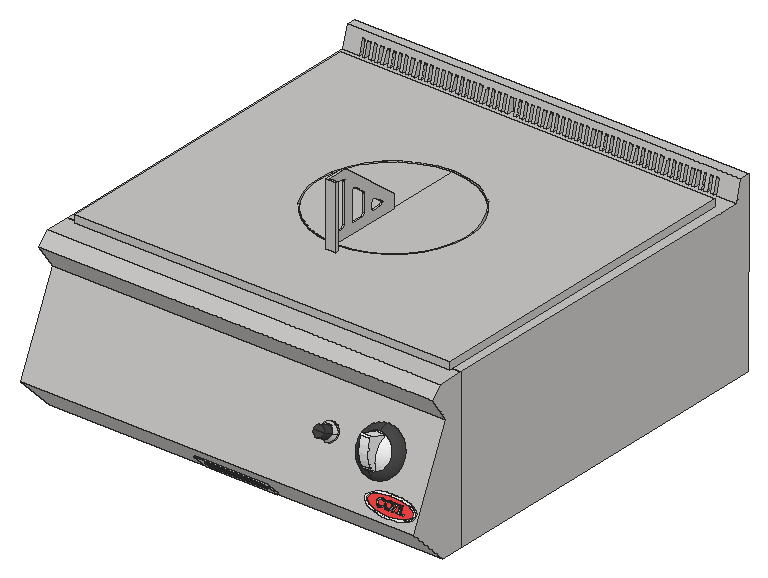
Revit family "QF_COZIL_FFCP-70N", category Equipamento especial, Revit 2020
Family settings
  Cota do conector redondo = Utilizar diâmetro
  Tipo de parte = Normal
  Número OmniClass = 23.40.40.14.17.11
  Título OmniClass = Cookers, Ovens, Stoves
  Com base no plano de trabalho = Não
  Sempre na vertical = Sim
  Corte com vazios quando carregada = Não
  Compartilhado = Não
  Ponto de cálculo do ambiente = Não
Parameters (values of type "FFCP-70")
  Weight [instance] = 72.00 kg
  URL = "https://cozil.com.br/"
  Tray of Waste = 9.00 L
  Modelo = "FFCP-70"
  Gas Size = 1/2"
  Gas Pressure GN = 0.02 bar
  Gas Pressure GLP = 0.0285 bar
  Gas Input GN = "4100 kcal/h"
  Gas Input GLP = 16258 Btu/h
  Gas Consumption GN = 0.435 m³/h
  Gas Consumption GLP = "0.356 Kg/h"
  Fabricante = "COZIL"
  Elevação padrão = 0.00 mm
  Descrição = "FOGAO FRANCES MODULAR A GAS - 700X743X335MM (COMPACT LINE II)"
  Type Comments = ""
  Show Logo [instance] = yes
  Show Clearances [instance] = yes
  Point Load [instance] = 0
  Masterspec [instance] = ""
  Length Actual [instance] = 700.00 mm
  Identify Quantity as Lot [instance] = yes
  Height Actual [instance] = 335.00 mm
  Gas Connection Height [instance] = 52.00 mm
  Foodservice Equipment Identifier [instance] = yes
  Depth Actual [instance] = 743.00 mm
  CSI MasterFormat [instance] = ""
  CE Approved [instance] = yes
Reference planes
  plane 1 "Centro (Frontal/Traseira)": y = 0
  plane 2: z = 0
  plane 3 "Centro (Esquerda/Direita)": x = 0
  plane 4: x = 700
  plane 5: z = 300
  plane 6: y = -743
  plane 7: z = 20
  plane 8: z = 335
  plane 9: x = 45
  plane 10: x = 655
  plane 11: y = -126
  plane 12: z = 0
  plane 13: y = -595
  plane 14: z = 300
  plane 15: x = 350
  plane 16: y = -351.564
  plane 17: x = 350
  plane 18: through (0, -796.943, -30.682) normal (0, 0.9063, -0.4226)
  plane 19: x = 609.376
  plane 20: through (0, -711.871, 151.756) normal (0, -0.9063, 0.4226)
  plane 21: x = 519.376
  plane 22: through (0, -708.611, 158.747) normal (0, -0.9063, 0.4226)
  plane 23: x = 650
Forms (mm)
  Extrusion 1, solid, material "QF_Metal_Stainless Steel"
    sketch origin (0, 0, 0) x (0, 1, 0) y (0, 0, 1)
      loop
        line (0, 20) -> (0, 335) -> (-16.137, 335) -> (-26.173, 300) -> (-638, 300) -> (-638, 20) -> (0, 20)
    from 0 to 700
  Extrusion 2, solid, material "QF_Metal_Stainless Steel"
    sketch origin (0, 0, 0) x (0, -1, 0) y (0, 0, 1)
      loop
        line (638, 20) -> (678, 20) -> (743, 85) -> (671.529, 238.27) -> (700.968, 281.916) -> (682.884, 300) -> (638, 300) -> (638, 20)
    from 0 to -700
  Extrusion 3, solid, material "QF_Metal_Stainless Steel"
    sketch origin (0, -637.414, 300) x (0, 1, 0) y (-1, 0, 0)
      loop
        line (584.414, -17) -> (-5.586, -17) -> (-5.586, -683) -> (584.414, -683) -> (584.414, -17)
      loop
        circle (286.414, -350) r 133
    from 0 to 12.5
  Extrusion 4, void
    sketch origin (0, 0, 336.918) x (0, 0, 1) y (-1, 0, 0)
      loop
        line (-12.418, -29.603) -> (-36.918, -29.603) -> (-36.918, -35.322) -> (-12.418, -35.322) -> (-12.418, -29.603)
      loop
        line (-12.418, -39.539) -> (-36.918, -39.539) -> (-36.918, -46.322) -> (-12.418, -46.322) -> (-12.418, -39.539)
      loop
        line (-12.418, -51.603) -> (-36.918, -51.603) -> (-36.918, -57.322) -> (-12.418, -57.322) -> (-12.418, -51.603)
      loop
        line (-12.418, -62.603) -> (-36.918, -62.603) -> (-36.918, -68.322) -> (-12.418, -68.322) -> (-12.418, -62.603)
      loop
        line (-12.418, -73.603) -> (-36.918, -73.603) -> (-36.918, -79.322) -> (-12.418, -79.322) -> (-12.418, -73.603)
      loop
        line (-12.418, -84.603) -> (-36.918, -84.603) -> (-36.918, -90.322) -> (-12.418, -90.322) -> (-12.418, -84.603)
      loop
        line (-12.418, -95.603) -> (-36.918, -95.603) -> (-36.918, -101.322) -> (-12.418, -101.322) -> (-12.418, -95.603)
      loop
        line (-12.418, -106.603) -> (-36.918, -106.603) -> (-36.918, -112.322) -> (-12.418, -112.322) -> (-12.418, -106.603)
      loop
        line (-12.418, -117.603) -> (-36.918, -117.603) -> (-36.918, -123.322) -> (-12.418, -123.322) -> (-12.418, -117.603)
      loop
        line (-12.418, -128.603) -> (-36.918, -128.603) -> (-36.918, -134.322) -> (-12.418, -134.322) -> (-12.418, -128.603)
      loop
        line (-12.418, -139.603) -> (-36.918, -139.603) -> (-36.918, -145.322) -> (-12.418, -145.322) -> (-12.418, -139.603)
      loop
        line (-12.418, -150.603) -> (-36.918, -150.603) -> (-36.918, -156.322) -> (-12.418, -156.322) -> (-12.418, -150.603)
      loop
        line (-12.418, -161.603) -> (-36.918, -161.603) -> (-36.918, -167.322) -> (-12.418, -167.322) -> (-12.418, -161.603)
      loop
        line (-12.418, -172.603) -> (-36.918, -172.603) -> (-36.918, -178.322) -> (-12.418, -178.322) -> (-12.418, -172.603)
      loop
        line (-12.418, -183.603) -> (-36.918, -183.603) -> (-36.918, -189.322) -> (-12.418, -189.322) -> (-12.418, -183.603)
      loop
        line (-12.418, -194.603) -> (-36.918, -194.603) -> (-36.918, -200.322) -> (-12.418, -200.322) -> (-12.418, -194.603)
      loop
        line (-12.418, -205.603) -> (-36.918, -205.603) -> (-36.918, -211.322) -> (-12.418, -211.322) -> (-12.418, -205.603)
      loop
        line (-12.418, -216.603) -> (-36.918, -216.603) -> (-36.918, -222.322) -> (-12.418, -222.322) -> (-12.418, -216.603)
      loop
        line (-12.418, -227.603) -> (-36.918, -227.603) -> (-36.918, -233.322) -> (-12.418, -233.322) -> (-12.418, -227.603)
      loop
        line (-12.418, -238.603) -> (-36.918, -238.603) -> (-36.918, -244.322) -> (-12.418, -244.322) -> (-12.418, -238.603)
      loop
        line (-12.418, -249.603) -> (-36.918, -249.603) -> (-36.918, -255.322) -> (-12.418, -255.322) -> (-12.418, -249.603)
      loop
        line (-12.418, -260.603) -> (-36.918, -260.603) -> (-36.918, -266.322) -> (-12.418, -266.322) -> (-12.418, -260.603)
      loop
        line (-12.418, -271.603) -> (-36.918, -271.603) -> (-36.918, -277.322) -> (-12.418, -277.322) -> (-12.418, -271.603)
      loop
        line (-12.418, -282.603) -> (-36.918, -282.603) -> (-36.918, -288.322) -> (-12.418, -288.322) -> (-12.418, -282.603)
      loop
        line (-12.418, -293.603) -> (-36.918, -293.603) -> (-36.918, -303.208) -> (-12.418, -303.208) -> (-12.418, -293.603)
      loop
        line (-12.418, -308.49) -> (-36.918, -308.49) -> (-36.918, -314.208) -> (-12.418, -314.208) -> (-12.418, -308.49)
      loop
        line (-12.418, -319.49) -> (-36.918, -319.49) -> (-36.918, -325.208) -> (-12.418, -325.208) -> (-12.418, -319.49)
      loop
        line (-12.418, -330.49) -> (-36.918, -330.49) -> (-36.918, -336.208) -> (-12.418, -336.208) -> (-12.418, -330.49)
      loop
        line (-12.418, -341.49) -> (-36.918, -341.49) -> (-36.918, -347.208) -> (-12.418, -347.208) -> (-12.418, -341.49)
      loop
        line (-12.418, -352.49) -> (-36.918, -352.49) -> (-36.918, -358.208) -> (-12.418, -358.208) -> (-12.418, -352.49)
      loop
        line (-12.418, -363.49) -> (-36.918, -363.49) -> (-36.918, -369.208) -> (-12.418, -369.208) -> (-12.418, -363.49)
      loop
        line (-12.418, -374.49) -> (-36.918, -374.49) -> (-36.918, -380.208) -> (-12.418, -380.208) -> (-12.418, -374.49)
      loop
        line (-12.418, -385.49) -> (-36.918, -385.49) -> (-36.918, -391.208) -> (-12.418, -391.208) -> (-12.418, -385.49)
      loop
        line (-12.418, -396.49) -> (-36.918, -396.49) -> (-36.918, -402.208) -> (-12.418, -402.208) -> (-12.418, -396.49)
      loop
        line (-12.418, -407.49) -> (-36.918, -407.49) -> (-36.918, -412.095) -> (-12.418, -412.095) -> (-12.418, -407.49)
      loop
        line (-12.418, -417.376) -> (-36.918, -417.376) -> (-36.918, -423.095) -> (-12.418, -423.095) -> (-12.418, -417.376)
      loop
        line (-12.418, -428.376) -> (-36.918, -428.376) -> (-36.918, -434.095) -> (-12.418, -434.095) -> (-12.418, -428.376)
      loop
        line (-12.418, -439.376) -> (-36.918, -439.376) -> (-36.918, -445.095) -> (-12.418, -445.095) -> (-12.418, -439.376)
      loop
        line (-12.418, -450.376) -> (-36.918, -450.376) -> (-36.918, -456.095) -> (-12.418, -456.095) -> (-12.418, -450.376)
      loop
        line (-12.418, -461.376) -> (-36.918, -461.376) -> (-36.918, -467.095) -> (-12.418, -467.095) -> (-12.418, -461.376)
      loop
        line (-12.418, -472.376) -> (-36.918, -472.376) -> (-36.918, -478.095) -> (-12.418, -478.095) -> (-12.418, -472.376)
      loop
        line (-12.418, -483.376) -> (-36.918, -483.376) -> (-36.918, -489.095) -> (-12.418, -489.095) -> (-12.418, -483.376)
      loop
        line (-12.418, -494.376) -> (-36.918, -494.376) -> (-36.918, -500.095) -> (-12.418, -500.095) -> (-12.418, -494.376)
      loop
        line (-12.418, -505.376) -> (-36.918, -505.376) -> (-36.918, -511.095) -> (-12.418, -511.095) -> (-12.418, -505.376)
      loop
        line (-12.418, -516.376) -> (-36.918, -516.376) -> (-36.918, -522.095) -> (-12.418, -522.095) -> (-12.418, -516.376)
      loop
        line (-12.418, -527.376) -> (-36.918, -527.376) -> (-36.918, -533.095) -> (-12.418, -533.095) -> (-12.418, -527.376)
      loop
        line (-12.418, -538.376) -> (-36.918, -538.376) -> (-36.918, -544.095) -> (-12.418, -544.095) -> (-12.418, -538.376)
      loop
        line (-12.418, -549.376) -> (-36.918, -549.376) -> (-36.918, -555.095) -> (-12.418, -555.095) -> (-12.418, -549.376)
      loop
        line (-12.418, -560.376) -> (-36.918, -560.376) -> (-36.918, -566.095) -> (-12.418, -566.095) -> (-12.418, -560.376)
      loop
        line (-12.418, -571.376) -> (-36.918, -571.376) -> (-36.918, -577.095) -> (-12.418, -577.095) -> (-12.418, -571.376)
      loop
        line (-12.418, -582.376) -> (-36.918, -582.376) -> (-36.918, -588.095) -> (-12.418, -588.095) -> (-12.418, -582.376)
      loop
        line (-12.418, -593.376) -> (-36.918, -593.376) -> (-36.918, -599.095) -> (-12.418, -599.095) -> (-12.418, -593.376)
      loop
        line (-12.418, -604.376) -> (-36.918, -604.376) -> (-36.918, -610.095) -> (-12.418, -610.095) -> (-12.418, -604.376)
      loop
        line (-12.418, -615.376) -> (-36.918, -615.376) -> (-36.918, -621.095) -> (-12.418, -621.095) -> (-12.418, -615.376)
      loop
        line (-12.418, -626.376) -> (-36.918, -626.376) -> (-36.918, -632.095) -> (-12.418, -632.095) -> (-12.418, -626.376)
      loop
        line (-12.418, -637.376) -> (-36.918, -637.376) -> (-36.918, -641.835) -> (-12.418, -641.835) -> (-12.418, -637.376)
      loop
        line (-12.418, -648.376) -> (-36.918, -648.376) -> (-36.918, -654.095) -> (-12.418, -654.095) -> (-12.418, -648.376)
      loop
        line (-12.418, -659.376) -> (-36.918, -659.376) -> (-36.918, -665.095) -> (-12.418, -665.095) -> (-12.418, -659.376)
    from 15.84 to 26.942
  Extrusion 5, solid, material "QF_Metal_Stainless_Steel"
    sketch origin (0, 0, 336.918) x (0, 0, -1) y (-1, 0, 0)
      loop
        circle (284.918, -645) r 6.35
    from 0 to 6.35
  Extrusion 6, solid, material "Qf_Plastic-Grey"
    sketch origin (0, -678, 20) x (0, -0.707107, 0.707107) y (-1, 0, 0)
      loop
        line (10.041, -287.289) -> (10.041, -413.304) -> (50.041, -413.304) -> (50.041, -287.289) -> (10.041, -287.289)
      loop
        line (16.172, -293.603) -> (16.172, -407.49) -> (43.936, -407.49) -> (43.936, -293.603) -> (16.172, -293.603)
    from 0 to 3
  Extrusion 7, void
    sketch origin (0, 0, 0) x (0, 1, 0) y (0, 0, 1)
      loop
        line (-709.067, 51.067) -> (-689.435, 31.435) -> (-689.435, 70.699) -> (-709.067, 51.067)
    from 293.603 to 407.49
Cuts and joins
  Extrusion 4 cuts Extrusion 1
  Extrusion 7 cuts Extrusion 2
Lines and regions (mm)
  symbolic lines
    curve 1: line (0, 0, 0) -> (0, -743, 0)
    curve 2: line (0, -743, 0) -> (700, -743, 0)
    curve 3: line (700, -743, 0) -> (700, 0, 0)
    curve 4: line (700, 0, 0) -> (0, 0, 0)
    curve 5: line (17, -53, 0) -> (17, -643, 0)
    curve 6: line (17, -643, 0) -> (683, -643, 0)
    curve 7: line (683, -643, 0) -> (683, -53, 0)
    curve 8: line (683, -53, 0) -> (17, -53, 0)
    curve 9: arc (217, -351, 0) -> (350, -218, 0) -> (483, -351, 0) r 133
    curve 10: arc (483, -351, 0) -> (350, -484, 0) -> (217, -351, 0) r 133
    curve 11: arc (219.996, -351.593, 0) -> (349.996, -221.593, 0) -> (479.996, -351.593, 0) r 130
    curve 12: arc (479.996, -351.593, 0) -> (349.996, -481.593, 0) -> (219.996, -351.593, 0) r 130
    curve 13: line (348.5, -351.564, 0) -> (351.5, -351.564, 0)
    curve 14: line (348.5, -498.372, 0) -> (348.5, -351.564, 0)
    curve 15: line (351.5, -498.372, 0) -> (348.5, -498.372, 0)
    curve 16: line (351.5, -351.564, 0) -> (351.5, -495.372, 0)
    curve 17: line (359.5, -495.372, 0) -> (351.5, -495.372, 0)
    curve 18: line (359.5, -498.372, 0) -> (359.5, -495.372, 0)
    curve 19: line (351.5, -498.372, 0) -> (359.5, -498.372, 0)
    curve 20: line (351.5, -495.372, 0) -> (351.5, -498.372, 0)
    curve 21: line (700, -700.968, 0) -> (0, -700.968, 0)
    curve 22: line (0, -682.884, 0) -> (700, -682.884, 0)
    curve 23: line (700, -638, 0) -> (683, -638, 0)
    curve 24: line (17, -638, 0) -> (0, -638, 0)
    curve 25: line (0, -26.173, 0) -> (29.603, -26.173, 0)
    curve 26: line (29.603, -26.173, 0) -> (29.603, -19.148, 0)
    curve 27: line (0, -16.137, 0) -> (700, -16.137, 0)
    curve 28: line (29.603, -19.148, 0) -> (35.322, -19.148, 0)
    curve 29: line (35.322, -19.148, 0) -> (35.322, -26.173, 0)
    curve 30: line (35.322, -26.173, 0) -> (39.539, -26.173, 0)
    curve 31: line (39.539, -26.173, 0) -> (39.539, -19.148, 0)
    curve 32: line (39.539, -19.148, 0) -> (46.322, -19.148, 0)
    curve 33: line (46.322, -19.148, 0) -> (46.322, -26.173, 0)
    curve 34: line (46.322, -26.173, 0) -> (51.603, -26.173, 0)
    curve 35: line (51.603, -26.173, 0) -> (51.603, -19.148, 0)
    curve 36: line (51.603, -19.148, 0) -> (57.322, -19.148, 0)
    curve 37: line (57.322, -19.148, 0) -> (57.322, -26.173, 0)
    curve 38: line (57.322, -26.173, 0) -> (62.603, -26.173, 0)
    curve 39: line (62.603, -26.173, 0) -> (62.603, -19.148, 0)
    curve 40: line (62.603, -19.148, 0) -> (68.322, -19.148, 0)
    curve 41: line (68.322, -19.148, 0) -> (68.322, -26.173, 0)
    curve 42: line (68.322, -26.173, 0) -> (73.603, -26.173, 0)
    curve 43: line (73.603, -26.173, 0) -> (73.603, -19.148, 0)
    curve 44: line (73.603, -19.148, 0) -> (79.322, -19.148, 0)
    curve 45: line (79.322, -19.148, 0) -> (79.322, -26.173, 0)
    curve 46: line (79.322, -26.173, 0) -> (84.603, -26.173, 0)
    curve 47: line (84.603, -26.173, 0) -> (84.603, -19.148, 0)
    curve 48: line (84.603, -19.148, 0) -> (90.322, -19.148, 0)
    curve 49: line (90.322, -19.148, 0) -> (90.322, -26.173, 0)
    curve 50: line (90.322, -26.173, 0) -> (95.603, -26.173, 0)
    curve 51: line (95.603, -26.173, 0) -> (95.603, -19.148, 0)
    curve 52: line (95.603, -19.148, 0) -> (101.322, -19.148, 0)
    curve 53: line (101.322, -19.148, 0) -> (101.322, -26.173, 0)
    curve 54: line (101.322, -26.173, 0) -> (106.603, -26.173, 0)
    curve 55: line (106.603, -26.173, 0) -> (106.603, -19.148, 0)
    curve 56: line (106.603, -19.148, 0) -> (112.322, -19.148, 0)
    curve 57: line (112.322, -19.148, 0) -> (112.322, -26.173, 0)
    curve 58: line (112.322, -26.173, 0) -> (117.603, -26.173, 0)
    curve 59: line (117.603, -26.173, 0) -> (117.603, -19.148, 0)
    curve 60: line (117.603, -19.148, 0) -> (123.322, -19.148, 0)
    curve 61: line (123.322, -19.148, 0) -> (123.322, -26.173, 0)
    curve 62: line (123.322, -26.173, 0) -> (128.603, -26.173, 0)
    curve 63: line (128.603, -26.173, 0) -> (128.603, -19.148, 0)
    curve 64: line (128.603, -19.148, 0) -> (134.322, -19.148, 0)
    curve 65: line (134.322, -19.148, 0) -> (134.322, -26.173, 0)
    curve 66: line (134.322, -26.173, 0) -> (139.603, -26.173, 0)
    curve 67: line (139.603, -26.173, 0) -> (139.603, -19.148, 0)
    curve 68: line (139.603, -19.148, 0) -> (145.322, -19.148, 0)
    curve 69: line (145.322, -19.148, 0) -> (145.322, -26.173, 0)
    curve 70: line (145.322, -26.173, 0) -> (150.603, -26.173, 0)
    curve 71: line (150.603, -26.173, 0) -> (150.603, -19.148, 0)
    curve 72: line (150.603, -19.148, 0) -> (156.322, -19.148, 0)
    curve 73: line (156.322, -19.148, 0) -> (156.322, -26.173, 0)
    curve 74: line (156.322, -26.173, 0) -> (161.603, -26.173, 0)
    curve 75: line (161.603, -26.173, 0) -> (161.603, -19.148, 0)
    curve 76: line (161.603, -19.148, 0) -> (167.322, -19.148, 0)
    curve 77: line (167.322, -19.148, 0) -> (167.322, -26.173, 0)
    curve 78: line (167.322, -26.173, 0) -> (172.603, -26.173, 0)
    curve 79: line (172.603, -26.173, 0) -> (172.603, -19.148, 0)
    curve 80: line (172.603, -19.148, 0) -> (178.322, -19.148, 0)
    curve 81: line (178.322, -19.148, 0) -> (178.322, -26.173, 0)
    curve 82: line (178.322, -26.173, 0) -> (183.603, -26.173, 0)
    curve 83: line (183.603, -26.173, 0) -> (183.603, -19.148, 0)
    curve 84: line (183.603, -19.148, 0) -> (189.322, -19.148, 0)
    curve 85: line (189.322, -19.148, 0) -> (189.322, -26.173, 0)
    curve 86: line (189.322, -26.173, 0) -> (194.603, -26.173, 0)
    curve 87: line (194.603, -26.173, 0) -> (194.603, -19.148, 0)
    curve 88: line (194.603, -19.148, 0) -> (200.322, -19.148, 0)
    curve 89: line (200.322, -19.148, 0) -> (200.322, -26.173, 0)
    curve 90: line (200.322, -26.173, 0) -> (205.603, -26.173, 0)
    curve 91: line (205.603, -26.173, 0) -> (205.603, -19.148, 0)
    curve 92: line (205.603, -19.148, 0) -> (211.322, -19.148, 0)
    curve 93: line (211.322, -19.148, 0) -> (211.322, -26.173, 0)
    curve 94: line (211.322, -26.173, 0) -> (216.603, -26.173, 0)
    curve 95: line (216.603, -26.173, 0) -> (216.603, -19.148, 0)
    curve 96: line (216.603, -19.148, 0) -> (222.322, -19.148, 0)
    curve 97: line (222.322, -19.148, 0) -> (222.322, -26.173, 0)
    curve 98: line (222.322, -26.173, 0) -> (227.603, -26.173, 0)
    curve 99: line (227.603, -26.173, 0) -> (227.603, -19.148, 0)
    curve 100: line (227.603, -19.148, 0) -> (233.322, -19.148, 0)
    curve 101: line (233.322, -19.148, 0) -> (233.322, -26.173, 0)
    curve 102: line (233.322, -26.173, 0) -> (238.603, -26.173, 0)
    curve 103: line (238.603, -26.173, 0) -> (238.603, -19.148, 0)
    curve 104: line (238.603, -19.148, 0) -> (244.322, -19.148, 0)
    curve 105: line (244.322, -19.148, 0) -> (244.322, -26.173, 0)
    curve 106: line (244.322, -26.173, 0) -> (249.603, -26.173, 0)
    curve 107: line (249.603, -26.173, 0) -> (249.603, -19.148, 0)
    curve 108: line (249.603, -19.148, 0) -> (255.322, -19.148, 0)
    curve 109: line (255.322, -19.148, 0) -> (255.322, -26.173, 0)
    curve 110: line (255.322, -26.173, 0) -> (260.603, -26.173, 0)
    curve 111: line (260.603, -26.173, 0) -> (260.603, -19.148, 0)
    curve 112: line (260.603, -19.148, 0) -> (266.322, -19.148, 0)
    curve 113: line (266.322, -19.148, 0) -> (266.322, -26.173, 0)
    curve 114: line (266.322, -26.173, 0) -> (271.603, -26.173, 0)
    curve 115: line (271.603, -26.173, 0) -> (271.603, -19.148, 0)
    curve 116: line (271.603, -19.148, 0) -> (277.322, -19.148, 0)
    curve 117: line (277.322, -19.148, 0) -> (277.322, -26.173, 0)
    curve 118: line (277.322, -26.173, 0) -> (282.603, -26.173, 0)
    curve 119: line (282.603, -26.173, 0) -> (282.603, -19.148, 0)
    curve 120: line (282.603, -19.148, 0) -> (288.322, -19.148, 0)
    curve 121: line (288.322, -19.148, 0) -> (288.322, -26.173, 0)
    curve 122: line (288.322, -26.173, 0) -> (293.603, -26.173, 0)
    curve 123: line (293.603, -26.173, 0) -> (293.603, -19.148, 0)
    curve 124: line (293.603, -19.148, 0) -> (303.208, -19.148, 0)
    curve 125: line (303.208, -19.148, 0) -> (303.208, -26.173, 0)
    curve 126: line (303.208, -26.173, 0) -> (308.49, -26.173, 0)
    curve 127: line (308.49, -26.173, 0) -> (308.49, -19.148, 0)
    curve 128: line (308.49, -19.148, 0) -> (314.208, -19.148, 0)
    curve 129: line (314.208, -19.148, 0) -> (314.208, -26.173, 0)
    curve 130: line (314.208, -26.173, 0) -> (319.49, -26.173, 0)
    curve 131: line (319.49, -26.173, 0) -> (319.49, -19.148, 0)
    curve 132: line (319.49, -19.148, 0) -> (325.208, -19.148, 0)
    curve 133: line (325.208, -19.148, 0) -> (325.208, -26.173, 0)
    curve 134: line (325.208, -26.173, 0) -> (330.49, -26.173, 0)
    curve 135: line (330.49, -26.173, 0) -> (330.49, -19.148, 0)
    curve 136: line (330.49, -19.148, 0) -> (336.208, -19.148, 0)
    curve 137: line (336.208, -19.148, 0) -> (336.208, -26.173, 0)
    curve 138: line (336.208, -26.173, 0) -> (341.49, -26.173, 0)
    curve 139: line (341.49, -26.173, 0) -> (341.49, -19.148, 0)
    curve 140: line (341.49, -19.148, 0) -> (347.208, -19.148, 0)
    curve 141: line (347.208, -19.148, 0) -> (347.208, -26.173, 0)
    curve 142: line (347.208, -26.173, 0) -> (352.49, -26.173, 0)
    curve 143: line (352.49, -26.173, 0) -> (352.49, -19.148, 0)
    curve 144: line (352.49, -19.148, 0) -> (358.208, -19.148, 0)
    curve 145: line (358.208, -19.148, 0) -> (358.208, -26.173, 0)
    curve 146: line (358.208, -26.173, 0) -> (363.49, -26.173, 0)
    curve 147: line (363.49, -26.173, 0) -> (363.49, -19.148, 0)
    curve 148: line (363.49, -19.148, 0) -> (369.208, -19.148, 0)
    curve 149: line (369.208, -19.148, 0) -> (369.208, -26.173, 0)
    curve 150: line (369.208, -26.173, 0) -> (374.49, -26.173, 0)
    curve 151: line (374.49, -26.173, 0) -> (374.49, -19.148, 0)
    curve 152: line (374.49, -19.148, 0) -> (380.208, -19.148, 0)
    curve 153: line (380.208, -19.148, 0) -> (380.208, -26.173, 0)
    curve 154: line (380.208, -26.173, 0) -> (385.49, -26.173, 0)
    curve 155: line (385.49, -26.173, 0) -> (385.49, -19.148, 0)
    curve 156: line (385.49, -19.148, 0) -> (391.208, -19.148, 0)
    curve 157: line (391.208, -19.148, 0) -> (391.208, -26.173, 0)
    curve 158: line (391.208, -26.173, 0) -> (396.49, -26.173, 0)
    curve 159: line (396.49, -26.173, 0) -> (396.49, -19.148, 0)
    curve 160: line (396.49, -19.148, 0) -> (402.208, -19.148, 0)
    curve 161: line (402.208, -19.148, 0) -> (402.208, -26.173, 0)
    curve 162: line (402.208, -26.173, 0) -> (407.49, -26.173, 0)
    curve 163: line (407.49, -26.173, 0) -> (407.49, -19.148, 0)
    curve 164: line (407.49, -19.148, 0) -> (412.095, -19.148, 0)
    curve 165: line (412.095, -19.148, 0) -> (412.095, -26.173, 0)
    curve 166: line (412.095, -26.173, 0) -> (417.376, -26.173, 0)
    curve 167: line (417.376, -26.173, 0) -> (417.376, -19.148, 0)
    curve 168: line (417.376, -19.148, 0) -> (423.095, -19.148, 0)
    curve 169: line (423.095, -19.148, 0) -> (423.095, -26.173, 0)
    curve 170: line (423.095, -26.173, 0) -> (428.376, -26.173, 0)
    curve 171: line (428.376, -26.173, 0) -> (428.376, -19.148, 0)
    curve 172: line (428.376, -19.148, 0) -> (434.095, -19.148, 0)
    curve 173: line (434.095, -19.148, 0) -> (434.095, -26.173, 0)
    curve 174: line (434.095, -26.173, 0) -> (439.376, -26.173, 0)
    curve 175: line (439.376, -26.173, 0) -> (439.376, -19.148, 0)
    curve 176: line (439.376, -19.148, 0) -> (445.095, -19.148, 0)
    curve 177: line (445.095, -19.148, 0) -> (445.095, -26.173, 0)
    curve 178: line (445.095, -26.173, 0) -> (450.376, -26.173, 0)
    curve 179: line (450.376, -26.173, 0) -> (450.376, -19.148, 0)
    curve 180: line (450.376, -19.148, 0) -> (456.095, -19.148, 0)
    curve 181: line (456.095, -19.148, 0) -> (456.095, -26.173, 0)
    curve 182: line (456.095, -26.173, 0) -> (461.376, -26.173, 0)
    curve 183: line (461.376, -26.173, 0) -> (461.376, -19.148, 0)
    curve 184: line (461.376, -19.148, 0) -> (467.095, -19.148, 0)
    curve 185: line (467.095, -19.148, 0) -> (467.095, -26.173, 0)
    curve 186: line (467.095, -26.173, 0) -> (472.376, -26.173, 0)
    curve 187: line (472.376, -26.173, 0) -> (472.376, -19.148, 0)
    curve 188: line (472.376, -19.148, 0) -> (478.095, -19.148, 0)
    curve 189: line (478.095, -19.148, 0) -> (478.095, -26.173, 0)
    curve 190: line (478.095, -26.173, 0) -> (483.376, -26.173, 0)
    curve 191: line (483.376, -26.173, 0) -> (483.376, -19.148, 0)
    curve 192: line (483.376, -19.148, 0) -> (489.095, -19.148, 0)
    curve 193: line (489.095, -19.148, 0) -> (489.095, -26.173, 0)
    curve 194: line (489.095, -26.173, 0) -> (494.376, -26.173, 0)
    curve 195: line (494.376, -26.173, 0) -> (494.376, -19.148, 0)
    curve 196: line (494.376, -19.148, 0) -> (500.095, -19.148, 0)
    curve 197: line (500.095, -19.148, 0) -> (500.095, -26.173, 0)
    curve 198: line (500.095, -26.173, 0) -> (505.376, -26.173, 0)
    curve 199: line (505.376, -26.173, 0) -> (505.376, -19.148, 0)
    curve 200: line (505.376, -19.148, 0) -> (511.095, -19.148, 0)
    curve 201: line (511.095, -19.148, 0) -> (511.095, -26.173, 0)
    curve 202: line (511.095, -26.173, 0) -> (516.376, -26.173, 0)
    curve 203: line (516.376, -26.173, 0) -> (516.376, -19.148, 0)
    curve 204: line (516.376, -19.148, 0) -> (522.095, -19.148, 0)
    curve 205: line (522.095, -19.148, 0) -> (522.095, -26.173, 0)
    curve 206: line (522.095, -26.173, 0) -> (527.376, -26.173, 0)
    curve 207: line (527.376, -26.173, 0) -> (527.376, -19.148, 0)
    curve 208: line (527.376, -19.148, 0) -> (533.095, -19.148, 0)
    curve 209: line (533.095, -19.148, 0) -> (533.095, -26.173, 0)
    curve 210: line (533.095, -26.173, 0) -> (538.376, -26.173, 0)
    curve 211: line (538.376, -26.173, 0) -> (538.376, -19.148, 0)
    curve 212: line (538.376, -19.148, 0) -> (544.095, -19.148, 0)
    curve 213: line (544.095, -19.148, 0) -> (544.095, -26.173, 0)
    curve 214: line (544.095, -26.173, 0) -> (549.376, -26.173, 0)
    curve 215: line (549.376, -26.173, 0) -> (549.376, -19.148, 0)
    curve 216: line (549.376, -19.148, 0) -> (555.095, -19.148, 0)
    curve 217: line (555.095, -19.148, 0) -> (555.095, -26.173, 0)
    curve 218: line (555.095, -26.173, 0) -> (560.376, -26.173, 0)
    curve 219: line (560.376, -26.173, 0) -> (560.376, -19.148, 0)
    curve 220: line (560.376, -19.148, 0) -> (566.095, -19.148, 0)
    curve 221: line (566.095, -19.148, 0) -> (566.095, -26.173, 0)
    curve 222: line (566.095, -26.173, 0) -> (571.376, -26.173, 0)
    curve 223: line (571.376, -26.173, 0) -> (571.376, -19.148, 0)
    curve 224: line (571.376, -19.148, 0) -> (577.095, -19.148, 0)
    curve 225: line (577.095, -19.148, 0) -> (577.095, -26.173, 0)
    curve 226: line (577.095, -26.173, 0) -> (582.376, -26.173, 0)
    curve 227: line (582.376, -26.173, 0) -> (582.376, -19.148, 0)
    curve 228: line (582.376, -19.148, 0) -> (588.095, -19.148, 0)
    curve 229: line (588.095, -19.148, 0) -> (588.095, -26.173, 0)
    curve 230: line (588.095, -26.173, 0) -> (593.376, -26.173, 0)
    curve 231: line (593.376, -26.173, 0) -> (593.376, -19.148, 0)
    curve 232: line (593.376, -19.148, 0) -> (599.095, -19.148, 0)
    curve 233: line (599.095, -19.148, 0) -> (599.095, -26.173, 0)
    curve 234: line (599.095, -26.173, 0) -> (604.376, -26.173, 0)
    curve 235: line (604.376, -26.173, 0) -> (604.376, -19.148, 0)
    curve 236: line (604.376, -19.148, 0) -> (610.095, -19.148, 0)
    curve 237: line (610.095, -19.148, 0) -> (610.095, -26.173, 0)
    curve 238: line (610.095, -26.173, 0) -> (615.376, -26.173, 0)
    curve 239: line (615.376, -26.173, 0) -> (615.376, -19.148, 0)
    curve 240: line (615.376, -19.148, 0) -> (621.095, -19.148, 0)
    curve 241: line (621.095, -19.148, 0) -> (621.095, -26.173, 0)
    curve 242: line (621.095, -26.173, 0) -> (626.376, -26.173, 0)
    curve 243: line (626.376, -26.173, 0) -> (626.376, -19.148, 0)
    curve 244: line (626.376, -19.148, 0) -> (632.095, -19.148, 0)
    curve 245: line (632.095, -19.148, 0) -> (632.095, -26.173, 0)
    curve 246: line (632.095, -26.173, 0) -> (637.376, -26.173, 0)
    curve 247: line (637.376, -26.173, 0) -> (637.376, -19.148, 0)
    curve 248: line (637.376, -19.148, 0) -> (641.835, -19.148, 0)
    curve 249: line (641.835, -19.148, 0) -> (641.835, -26.173, 0)
    curve 250: line (641.835, -26.173, 0) -> (648.376, -26.173, 0)
    curve 251: line (648.376, -26.173, 0) -> (648.376, -19.148, 0)
    curve 252: line (648.376, -19.148, 0) -> (654.095, -19.148, 0)
    curve 253: line (654.095, -19.148, 0) -> (654.095, -26.173, 0)
    curve 254: line (654.095, -26.173, 0) -> (659.376, -26.173, 0)
    curve 255: line (659.376, -26.173, 0) -> (659.376, -19.148, 0)
    curve 256: line (659.376, -19.148, 0) -> (665.095, -19.148, 0)
    curve 257: line (665.095, -19.148, 0) -> (665.095, -26.173, 0)
    curve 258: line (665.095, -26.173, 0) -> (700, -26.173, 0)
Dimensions and locks
  plane 5 to level = 300.00 mm
  plane 7 to level = 20.00 mm
  plane 7 to plane 5 = 280.00 mm
  plane 8 to level = 335.00 mm
  locked: Extrusion 1 sketch curve to plane 6 at 105
  locked: Extrusion 3 sketch curve to plane 4 at 17
  locked: plane 3 "Centro (Esquerda/Direita)" to Extrusion 3 sketch curve at 17
  locked: Extrusion 3 sketch curve to plane 1 "Centro (Frontal/Traseira)" at 53
  locked: Extrusion 3 sketch curve to plane 6 at 100
  plane 6 to Extrusion 3 sketch curve = 392.00 mm
  plane 3 "Centro (Esquerda/Direita)" to Extrusion 3 sketch curve = 350.00 mm
  locked: plane 13 to plane 6 at 148
  locked: plane 1 "Centro (Frontal/Traseira)" to plane 11 at 126
  locked: plane 9 to plane 3 "Centro (Esquerda/Direita)" at 45
  locked: plane 4 to plane 10 at 45
  equal spacing: plane 3 "Centro (Esquerda/Direita)", plane 17, plane 4, locked at 350 each
  "Depth Actual": plane 1 "Centro (Frontal/Traseira)" to plane 6
  plane 6 to nested 5 to plane 1 "Centro (Frontal/Traseira)" = 391.436 mm locked, 351.564 mm locked
  plane 4 to plane 19 = 90.624 mm
  "Gas Connection Height": level to Extrusion 5 sketch curve
  plane 4 to Extrusion 5 sketch curve = 55.00 mm
  locked: Extrusion 6 sketch curve to Extrusion 2 at 7.1
  locked: Extrusion 2 to Extrusion 6 sketch curve at 286.696
  "Length Actual": plane 3 "Centro (Esquerda/Direita)" to plane 4
  "Height Actual": plane 8 to level
  "Gas Size": diameter of Extrusion 5 sketch curve
  aligned and locked: level to plane 2
  aligned and locked: plane 4 to Extrusion 1
  aligned and locked: plane 8 to Extrusion 1
  aligned and locked: Extrusion 1 to Extrusion 2
  aligned and locked: Extrusion 2 to Extrusion 1
  aligned and locked: plane 11 to nested 1
  aligned and locked: plane 11 to nested 2
  aligned and locked: plane 12 to nested 2
  aligned and locked: plane 12 to nested 1
  aligned and locked: plane 12 to nested 3
  aligned and locked: plane 12 to nested 4
  aligned and locked: plane 12 to level
  aligned and locked: plane 13 to nested 3
  aligned and locked: plane 13 to nested 4
  aligned and locked: plane 9 to nested 4
  aligned and locked: plane 9 to nested 1
  aligned and locked: plane 10 to nested 2
  aligned and locked: plane 10 to nested 3
  aligned and locked: nested 5 to plane 14
  aligned and locked: plane 5 to plane 14
  aligned and locked: plane 15 to nested 5
  aligned and locked: plane 16 to nested 5
  aligned and locked: plane 15 to plane 17
  aligned and locked: plane 18 to nested 6
  aligned and locked: plane 18 to Extrusion 2
  aligned and locked: plane 19 to nested 6
  aligned and locked: plane 20 to nested 7
  aligned and locked: plane 20 to plane 18
  aligned and locked: plane 21 to nested 7
  aligned and locked: nested 8 to plane 22
  aligned and locked: plane 22 to plane 18
  aligned and locked: plane 23 to nested 8
  aligned and locked: Extrusion 7 to cut or joined group of Extrusion 1, Extrusion 4
  aligned and locked: cut or joined group of Extrusion 1, Extrusion 4 to Extrusion 7
  aligned and locked: Extrusion 7 to Extrusion 6  (x2)
Automatic sketch dimensions
  plane 5 to Extrusion 1 sketch curve = 0.00 mm
  Extrusion 1 sketch curve to plane 8 = 0.00 mm
  Extrusion 1 sketch curve to plane 1 "Centro (Frontal/Traseira)" = 0.00 mm
  plane 7 to Extrusion 1 sketch curve = 0.00 mm
  plane 1 "Centro (Frontal/Traseira)" to Extrusion 1 sketch curve = 26.173 mm
  plane 1 "Centro (Frontal/Traseira)" to Extrusion 1 sketch curve = 16.137 mm
  Extrusion 2 sketch curve to Extrusion 1 = 0.00 mm
  Extrusion 1 to Extrusion 2 sketch curve = 0.00 mm  (x2)
  Extrusion 1 to Extrusion 2 sketch curve = 33.529 mm
  Extrusion 1 to Extrusion 2 sketch curve = 40.00 mm
  Extrusion 2 sketch curve to Extrusion 2 sketch curve = 44.884 mm
  Extrusion 2 sketch curve to Extrusion 1 = 18.084 mm
  Extrusion 2 sketch curve to Extrusion 2 sketch curve = 18.084 mm
  Extrusion 2 sketch curve to Extrusion 2 sketch curve = 65.00 mm
  Extrusion 2 sketch curve to Extrusion 1 = 65.00 mm
  Extrusion 2 sketch curve to Extrusion 2 sketch curve = 43.646 mm
  Extrusion 1 to Extrusion 4 sketch curve = 35.00 mm  (x2)
  Extrusion 4 sketch curve to Extrusion 4 sketch curve = 0.00 mm  (x112)
  Extrusion 1 to Extrusion 4 sketch curve = 10.50 mm  (x2)
  Extrusion 4 sketch curve to Extrusion 1 = 34.905 mm
  Extrusion 4 sketch curve to Extrusion 4 sketch curve = 5.719 mm  (x54)
  Extrusion 4 sketch curve to Extrusion 4 sketch curve = 5.281 mm  (x55)
  Extrusion 4 sketch curve to Extrusion 4 sketch curve = 6.541 mm
  Extrusion 4 sketch curve to Extrusion 4 sketch curve = 4.459 mm
  Extrusion 4 sketch curve to Extrusion 4 sketch curve = 4.605 mm
  Extrusion 4 sketch curve to Extrusion 4 sketch curve = 9.605 mm
  Extrusion 4 sketch curve to Extrusion 4 sketch curve = 6.783 mm
  Extrusion 4 sketch curve to Extrusion 4 sketch curve = 4.217 mm
  Extrusion 6 sketch curve to Extrusion 2 = 10.041 mm
  Extrusion 6 sketch curve to Extrusion 6 sketch curve = 6.131 mm
  Extrusion 6 sketch curve to Extrusion 6 sketch curve = 6.105 mm
  Extrusion 2 to Extrusion 6 sketch curve = 286.696 mm
  Extrusion 6 sketch curve to Extrusion 6 sketch curve = 5.814 mm
  Extrusion 6 sketch curve to Extrusion 6 sketch curve = 113.887 mm
  Extrusion 6 sketch curve to Extrusion 6 sketch curve = 6.314 mm
  Extrusion 6 sketch curve to Extrusion 6 sketch curve = 27.764 mm
  Extrusion 7 sketch curve to Extrusion 2 = 0.00 mm  (x2)
  Extrusion 2 to Extrusion 7 sketch curve = 11.435 mm
  Extrusion 2 to Extrusion 7 sketch curve = 31.067 mm
  plane 1 "Centro (Frontal/Traseira)" to curve 1 = 0.00 mm
  curve 1 to plane 3 "Centro (Esquerda/Direita)" = 0.00 mm
  plane 16 to curve 14 = 0.00 mm
  curve 10 to plane 15 = 0.00 mm
  curve 22 to plane 4 = 0.00 mm
  plane 6 to curve 1 = 0.00 mm
  plane 3 "Centro (Esquerda/Direita)" to curve 6 = 17.00 mm
  curve 26 to plane 9 = 15.397 mm
  curve 25 to curve 30 = 5.719 mm
  curve 29 to curve 30 = 4.217 mm
  plane 9 to curve 32 = 1.322 mm
  curve 33 to curve 35 = 5.281 mm
  curve 35 to curve 37 = 5.719 mm
  curve 37 to curve 38 = 5.281 mm
  curve 39 to curve 41 = 5.719 mm
  curve 41 to curve 43 = 5.281 mm
  curve 42 to curve 45 = 5.719 mm
  curve 45 to curve 46 = 5.281 mm
  curve 46 to curve 49 = 5.719 mm
  curve 49 to curve 50 = 5.281 mm
  curve 50 to curve 53 = 5.719 mm
  curve 52 to curve 55 = 5.281 mm
  curve 55 to curve 57 = 5.719 mm
  curve 57 to curve 59 = 5.281 mm
  curve 59 to curve 60 = 5.719 mm
  curve 61 to curve 63 = 5.281 mm
  curve 62 to curve 66 = 5.719 mm
  curve 65 to curve 67 = 5.281 mm
  curve 67 to curve 68 = 5.719 mm
  curve 69 to curve 71 = 5.281 mm
  curve 71 to curve 73 = 5.719 mm
  curve 73 to curve 75 = 5.281 mm
  curve 75 to curve 76 = 5.719 mm
  curve 77 to curve 79 = 5.281 mm
  curve 79 to curve 80 = 5.719 mm
  curve 81 to curve 83 = 5.281 mm
  curve 83 to curve 85 = 5.719 mm
  curve 85 to curve 87 = 5.281 mm
  curve 87 to curve 89 = 5.719 mm
  curve 89 to curve 90 = 5.281 mm
  curve 91 to curve 93 = 5.719 mm
  curve 93 to curve 94 = 5.281 mm
  curve 94 to curve 98 = 5.719 mm
  curve 97 to curve 98 = 5.281 mm
  curve 99 to curve 100 = 5.719 mm
  curve 101 to curve 102 = 5.281 mm
  curve 103 to curve 105 = 5.719 mm
  curve 105 to curve 106 = 5.281 mm
  curve 107 to curve 109 = 5.719 mm
  curve 108 to curve 112 = 5.281 mm
  curve 111 to curve 112 = 5.719 mm
  curve 113 to curve 115 = 5.281 mm
  curve 115 to curve 116 = 5.719 mm
  curve 117 to curve 119 = 5.281 mm
  curve 119 to curve 121 = 5.719 mm
  curve 121 to curve 123 = 5.281 mm
  curve 123 to curve 125 = 9.605 mm
  curve 125 to curve 126 = 5.281 mm
  curve 127 to curve 129 = 5.719 mm
  curve 129 to curve 130 = 5.281 mm
  curve 130 to curve 134 = 5.719 mm
  curve 133 to curve 135 = 5.281 mm
  curve 135 to curve 136 = 5.719 mm
  curve 136 to curve 140 = 5.281 mm
  curve 142 to plane 15 = 2.792 mm
  curve 14 to plane 15 = 1.50 mm
  curve 12 to plane 15 = 0.004 mm
  plane 15 to curve 13 = 1.50 mm
  plane 15 to curve 143 = 2.49 mm
  curve 142 to curve 145 = 5.719 mm
  curve 15 to curve 18 = 8.00 mm
  curve 144 to curve 148 = 5.281 mm
  curve 146 to curve 150 = 5.719 mm
  curve 149 to curve 151 = 5.281 mm
  curve 150 to curve 153 = 5.719 mm
  curve 153 to curve 155 = 5.281 mm
  curve 155 to curve 156 = 5.719 mm
  curve 157 to curve 159 = 5.281 mm
  curve 159 to curve 161 = 5.719 mm
  curve 161 to curve 163 = 5.281 mm
  curve 163 to curve 164 = 4.605 mm
  curve 165 to curve 167 = 5.281 mm
  curve 166 to curve 169 = 5.719 mm
  curve 169 to curve 171 = 5.281 mm
  curve 171 to curve 172 = 5.719 mm
  curve 173 to curve 175 = 5.281 mm
  curve 175 to curve 176 = 5.719 mm
  curve 177 to curve 179 = 5.281 mm
  curve 179 to curve 181 = 5.719 mm
  curve 181 to curve 182 = 5.281 mm
  curve 183 to curve 185 = 5.719 mm
  curve 185 to curve 187 = 5.281 mm
  curve 187 to curve 188 = 5.719 mm
  curve 188 to curve 192 = 5.281 mm
  curve 191 to curve 193 = 5.719 mm
  curve 192 to curve 195 = 5.281 mm
  curve 195 to curve 196 = 5.719 mm
  curve 197 to curve 198 = 5.281 mm
  curve 198 to curve 202 = 5.719 mm
  curve 203 to plane 21 = 3.00 mm
  plane 21 to curve 205 = 2.719 mm
  curve 205 to curve 207 = 5.281 mm
  curve 207 to curve 209 = 5.719 mm
  curve 209 to curve 210 = 5.281 mm
  curve 211 to curve 213 = 5.719 mm
  curve 213 to curve 214 = 5.281 mm
  curve 215 to curve 217 = 5.719 mm
  curve 217 to curve 219 = 5.281 mm
  curve 219 to curve 220 = 5.719 mm
  curve 221 to curve 222 = 5.281 mm
  curve 223 to curve 225 = 5.719 mm
  curve 225 to curve 227 = 5.281 mm
  curve 226 to curve 230 = 5.719 mm
  curve 229 to curve 231 = 5.281 mm
  curve 231 to curve 233 = 5.719 mm
  curve 234 to plane 19 = 5.00 mm
  plane 19 to curve 237 = 0.719 mm
  curve 236 to curve 239 = 5.281 mm
  curve 238 to curve 241 = 5.719 mm
  curve 241 to curve 242 = 5.281 mm
  curve 243 to curve 244 = 5.719 mm
  curve 245 to curve 246 = 5.281 mm
  curve 247 to curve 248 = 4.459 mm
  curve 251 to plane 23 = 1.624 mm
  curve 252 to plane 10 = 0.905 mm
  plane 10 to curve 255 = 4.376 mm
  curve 255 to curve 257 = 5.719 mm
  curve 6 to plane 4 = 17.00 mm
  curve 5 to plane 13 = 48.00 mm
  plane 13 to curve 20 = 96.628 mm
  curve 15 to curve 17 = 3.00 mm
  plane 16 to curve 11 = 0.029 mm
  curve 10 to plane 16 = 0.564 mm
  plane 1 "Centro (Frontal/Traseira)" to curve 8 = 53.00 mm
  plane 1 "Centro (Frontal/Traseira)" to curve 254 = 26.173 mm
  plane 1 "Centro (Frontal/Traseira)" to curve 25 = 26.173 mm
  curve 251 to curve 253 = 0.00 mm
  curve 25 to curve 29 = 0.00 mm
  curve 247 to curve 249 = 0.00 mm
  curve 30 to curve 33 = 0.00 mm
  curve 243 to curve 245 = 0.00 mm
  curve 34 to curve 37 = 0.00 mm
  curve 239 to curve 241 = 0.00 mm
  curve 38 to curve 41 = 0.00 mm
  curve 235 to curve 237 = 0.00 mm
  curve 42 to curve 45 = 0.00 mm
  curve 231 to curve 233 = 0.00 mm
  curve 46 to curve 49 = 0.00 mm
  curve 227 to curve 229 = 0.00 mm
  curve 50 to curve 53 = 0.00 mm
  curve 223 to curve 225 = 0.00 mm
  curve 54 to curve 57 = 0.00 mm
  curve 219 to curve 221 = 0.00 mm
  curve 58 to curve 61 = 0.00 mm
  curve 215 to curve 217 = 0.00 mm
  curve 62 to curve 65 = 0.00 mm
  curve 211 to curve 213 = 0.00 mm
  curve 66 to curve 69 = 0.00 mm
  curve 207 to curve 209 = 0.00 mm
  curve 70 to curve 73 = 0.00 mm
  curve 203 to curve 205 = 0.00 mm
  curve 74 to curve 77 = 0.00 mm
  curve 199 to curve 201 = 0.00 mm
  curve 78 to curve 81 = 0.00 mm
  curve 195 to curve 197 = 0.00 mm
  curve 82 to curve 85 = 0.00 mm
  curve 191 to curve 193 = 0.00 mm
  curve 86 to curve 89 = 0.00 mm
  curve 187 to curve 189 = 0.00 mm
  curve 90 to curve 93 = 0.00 mm
  curve 183 to curve 185 = 0.00 mm
  curve 94 to curve 97 = 0.00 mm
  curve 179 to curve 181 = 0.00 mm
  curve 98 to curve 101 = 0.00 mm
  curve 175 to curve 177 = 0.00 mm
  curve 102 to curve 105 = 0.00 mm
  curve 171 to curve 173 = 0.00 mm
  curve 106 to curve 109 = 0.00 mm
  curve 167 to curve 169 = 0.00 mm
  curve 110 to curve 113 = 0.00 mm
  curve 163 to curve 165 = 0.00 mm
  curve 114 to curve 117 = 0.00 mm
  curve 159 to curve 161 = 0.00 mm
  curve 118 to curve 121 = 0.00 mm
  curve 155 to curve 157 = 0.00 mm
  curve 122 to curve 125 = 0.00 mm
  curve 151 to curve 153 = 0.00 mm
  curve 126 to curve 129 = 0.00 mm
  curve 147 to curve 149 = 0.00 mm
  curve 130 to curve 133 = 0.00 mm
  curve 143 to curve 145 = 0.00 mm
  curve 134 to curve 137 = 0.00 mm
  curve 138 to curve 140 = 7.025 mm
  curve 137 to curve 139 = 0.00 mm
  curve 140 to curve 143 = 0.00 mm
  curve 133 to curve 135 = 0.00 mm
  curve 144 to curve 147 = 0.00 mm
  curve 129 to curve 131 = 0.00 mm
  curve 148 to curve 151 = 0.00 mm
  curve 125 to curve 127 = 0.00 mm
  curve 152 to curve 155 = 0.00 mm
  curve 121 to curve 123 = 0.00 mm
  curve 156 to curve 159 = 0.00 mm
  curve 117 to curve 119 = 0.00 mm
  curve 160 to curve 163 = 0.00 mm
  curve 113 to curve 115 = 0.00 mm
  curve 164 to curve 167 = 0.00 mm
  curve 109 to curve 111 = 0.00 mm
  curve 168 to curve 171 = 0.00 mm
  curve 105 to curve 107 = 0.00 mm
  curve 172 to curve 175 = 0.00 mm
  curve 101 to curve 103 = 0.00 mm
  curve 176 to curve 179 = 0.00 mm
  curve 97 to curve 99 = 0.00 mm
  curve 180 to curve 183 = 0.00 mm
  curve 93 to curve 95 = 0.00 mm
  curve 184 to curve 187 = 0.00 mm
  curve 89 to curve 91 = 0.00 mm
  curve 188 to curve 191 = 0.00 mm
  curve 85 to curve 87 = 0.00 mm
  curve 192 to curve 195 = 0.00 mm
  curve 81 to curve 83 = 0.00 mm
  curve 196 to curve 199 = 0.00 mm
  curve 77 to curve 79 = 0.00 mm
  curve 200 to curve 203 = 0.00 mm
  curve 73 to curve 75 = 0.00 mm
  curve 204 to curve 207 = 0.00 mm
  curve 69 to curve 71 = 0.00 mm
  curve 208 to curve 211 = 0.00 mm
  curve 65 to curve 67 = 0.00 mm
  curve 212 to curve 215 = 0.00 mm
  curve 61 to curve 63 = 0.00 mm
  curve 216 to curve 219 = 0.00 mm
  curve 57 to curve 59 = 0.00 mm
  curve 220 to curve 223 = 0.00 mm
  curve 53 to curve 55 = 0.00 mm
  curve 224 to curve 227 = 0.00 mm
  curve 49 to curve 51 = 0.00 mm
  curve 228 to curve 231 = 0.00 mm
  curve 45 to curve 47 = 0.00 mm
  curve 232 to curve 235 = 0.00 mm
  curve 41 to curve 43 = 0.00 mm
  curve 236 to curve 239 = 0.00 mm
  curve 37 to curve 39 = 0.00 mm
  curve 240 to curve 243 = 0.00 mm
  curve 33 to curve 35 = 0.00 mm
  curve 244 to curve 247 = 0.00 mm
  curve 29 to curve 31 = 0.00 mm
  curve 254 to curve 256 = 7.025 mm
  curve 248 to curve 251 = 0.00 mm
  curve 10 to curve 13 = 131.50 mm
  curve 10 to curve 11 = 2.996 mm
  curve 21 to plane 6 = 42.032 mm
  curve 21 to curve 22 = 18.084 mm
  curve 6 to curve 23 = 5.00 mm
  curve 5 to curve 24 = 5.00 mm
  curve 254 to curve 257 = 0.00 mm
  curve 25 to curve 27 = 10.036 mm
  radius of Extrusion 3 sketch curve = 133.00 mm
Nested families
  nested 1: "PE DE APOIO" at (45, -126, 0), type "PE DE APOIO"
    with Weight 0.00 kg, Watts 0 W, Waste Water Discharge Temperature -273.15 °C, Waste Remarks "", Warranty Start Date "", Warranty Duration "", Volts 0 V, Volt Free Conn yes, Ventilation Remarks "", URL Recommended Spares List "", URL Manufacturer "", URL Cutsheet "", URL Critical Spares List "", Technical Documentation "", Tag Number "", Steam type "", Steam Supply Volume 0.0 m³/h, Steam Supply Size 0 mm, Steam Supply RI Height 0.00 mm, Steam Supply Minimum Pressure 0.0 bar, Steam Supply Maximum Pressure 0.0 bar, Steam Supply Connection Height 0.00 mm, Steam Remarks "", Steam Pounds per Hour 0, Status "", Start Up Current 0 A, Specification by User "", Specification by Manufacturer "", Sound Level "", Solid Fuel Type "", Show Logo yes, Show Clearances yes, Service Life Duration "", Serial Number "", Sensible Heat Output 0 W, Seismic Rating "", SMACNA No "", Revision Code "", Revision "", Refrigeration Working Pressure 0.0 bar, Refrigeration Suction Line Size 0 mm, Refrigeration Liquid Line Size 0 mm, Refrigeration Evaporation Temperature -273.15 °C, Refrigeration Energy Efficiency Index "", Refrigeration Defrost Drain yes, Refrigeration Climate Class "", Refrigerant Type "", Refrigerant Mass 0, Refrigerant Flow 0.0 m³/h, Refrigerant Compressor Remote yes, Production Year "", Preheated Hot Water Temperature Recommended -273.15 °C, Preheated Hot Water Size 0 mm, Preheated Hot Water RI Height 0.00 mm, Preheated Hot Water Quality "", Preheated Hot Water Minimum Pressure 0.0 bar, Preheated Hot Water Maximum Pressure 0.0 bar, Preheated Hot Water Flow 0.0 m³/h, Preheated Hot Water Connection Height 0.00 mm, Potential Equalisation yes, Point Load 0, Plumbing Remarks "", Plumbing Connection Type "", Phase 0, Other Equipment Approvals "", Operational Current 0 A, Odor Trap Included yes, Number of Poles 1, No Load Power Draw yes, National Water Regulation Certification yes, NAFEM Spec ID Number "", Model Warning "", Min Ckt Ampacity 0 A, Mechanical Remarks "", Mechanical Connection Type "", Max Overcurrent Protection 0 A, Masterspec "", Main switch integrated yes, MU Air Volume 0.0 L/s, MU Air Vent Width 0.00 mm, MU Air Vent Diameter 0.00 mm, MU Air Vent Depth 0.00 mm, MU Air Static Press 0.0 Pa, MU Air Speed at Spigot 0.0 L/s, MU Air RI Height 0.00 mm, Length Actual 0.00 mm, Latent Heat Output 0 W, Item Number "", Installed By "", Installation Date "", Ingress Protection Code "", Indirect Waste Size 0 mm, Indirect Waste Flow 0.0 m³/h, Indirect Waste Connection Type "", Indirect Waste Connection Height 0.00 mm, Identify Quantity as Lot yes, ID "", Hygiene Approval "", Hot Water Temperature -273.15 °C, Hot Water Supply Temperature -273.15 °C, Hot Water Size 0 mm, Hot Water RI Height 0.00 mm, Hot Water Quality "", Hot Water Minimum Pressure 0.0 bar, Hot Water Maximum Pressure 0.0 bar, Hot Water Flow 0.0 m³/h, Hot Water Consumption "", Hot Water Connection Height 0.00 mm, Height Actual 0.00 mm, HP "", Gas Size Flexible 0 mm, Gas Size Fixed 0 mm, Gas Size 0 mm, Gas RI Height 0.00 mm, Gas Input 0 W, Gas Flow 0.0 m³/h, Gas Connection Height 0.00 mm, Furnished By "", Fuel Type "", Foodservice Equipment Identifier yes, Flue Type "", Filtered Treated Water Supply Size 0 mm, Filtered Treated Water Recommended Temperature -273.15 °C, Filtered Treated Water RI Height 0.00 mm, Filtered Treated Water Quality "", Filtered Treated Water Minimum Pressure 0.0 bar, Filtered Treated Water Maximum Pressure 0.0 bar, Filtered Treated Water Flow 0.0 m³/h, Filtered Treated Water Consumption "", Filtered Treated Water Connection Height 0.00 mm, FL Amps 0 A, Exhaust Volume 0.0 L/s, Exhaust Vent Width 0.00 mm, Exhaust Vent Height 0.00 mm, Exhaust Vent Diameter 0.00 mm, Exhaust Vent Depth 0.00 mm, Exhaust Static Press 0.0 Pa, Exhaust Speed at Spigot 0.0 L/s, Exhaust RI Height 0.00 mm, Exhaust Air Temperature -273.15 °C, Exhaust Air Humidity 0, Energy Efficiency Labelling "", Electrical Remarks "", Electric Connection Type "", Elec Conn RI Height 0.00 mm, Elec Conn Connection Height 0.00 mm, Earth Leakage Switch necessary yes, Earth Leakage Switch Type "", ETL Approved yes, Direct Waste Size 0 mm, Direct Waste RI Height 0.00 mm, Direct Waste Flow 0.0 m³/h, Direct Waste Connection Height 0.00 mm, Direct Heat Output 0 W, Digital Connectivity Description "", Depth Actual 0.00 mm, Cycle 0 Hz, Connection to energy optimisation system yes, Conn Plug "", Conn Conduit yes, Condensate Return Size 0 mm, Condensate Return RI Height 0.00 mm, Condensate Return Connection Height 0.00 mm, Compressed Air Volume 0.0 m³/h, Compressed Air Size 0 mm, Compressed Air RI Height 0.00 mm, Compressed Air Quality "", Compressed Air Pressure 0.0 bar, Compressed Air Connection Height 0.00 mm, Cold Water Temperature Recommended -273.15 °C, Cold Water Size 0 mm, Cold Water RI Height 0.00 mm, Cold Water Quality "", Cold Water Minimum Pressure 0.0 bar, Cold Water Maximum Pressure 0.0 bar, Cold Water Flow 0.0 m³/h, Cold Water Consumption "", Cold Water Connection Height 0.00 mm, Chilled Water Temperature -273.15 °C, Chilled Water Supply Size 0 mm, Chilled Water Supply RI Height 0.00 mm, Chilled Water Supply Quality "", Chilled Water Supply Maximum Temperature -273.15 °C, Chilled Water Supply Connection Height 0.00 mm, Chilled Water Return Size 0 mm, Chilled Water Return RI Height 0.00 mm, Chilled Water Return Minimum Pressure 0.0 bar, Chilled Water Return Maximum Pressure 0.0 bar, Chilled Water Return Connection Height 0.00 mm, Chilled Water Minimum Pressure 0.0 bar, Chilled Water Maximum Pressure 0.0 bar, Chilled Water Flow 0.0 m³/h, CSI MasterFormat "", CO2 Volume 0.0 m³/h, CO2 Size 0 mm, CO2 RI Height 0.00 mm, CO2 Pressure 0.0 bar, CO2 Connection Height 0.00 mm, CE Approved yes, Barcode "", BTUH 0 W, Author "", Asset Identifier "", Apparent Power 0 VA, Accessory yes, Ability for Digital Connectivity yes
  nested 2: "PE DE APOIO" at (655, -126, 0), type "PE DE APOIO"
    with Weight 0.00 kg, Watts 0 W, Waste Water Discharge Temperature -273.15 °C, Waste Remarks "", Warranty Start Date "", Warranty Duration "", Volts 0 V, Volt Free Conn yes, Ventilation Remarks "", URL Recommended Spares List "", URL Manufacturer "", URL Cutsheet "", URL Critical Spares List "", Technical Documentation "", Tag Number "", Steam type "", Steam Supply Volume 0.0 m³/h, Steam Supply Size 0 mm, Steam Supply RI Height 0.00 mm, Steam Supply Minimum Pressure 0.0 bar, Steam Supply Maximum Pressure 0.0 bar, Steam Supply Connection Height 0.00 mm, Steam Remarks "", Steam Pounds per Hour 0, Status "", Start Up Current 0 A, Specification by User "", Specification by Manufacturer "", Sound Level "", Solid Fuel Type "", Show Logo yes, Show Clearances yes, Service Life Duration "", Serial Number "", Sensible Heat Output 0 W, Seismic Rating "", SMACNA No "", Revision Code "", Revision "", Refrigeration Working Pressure 0.0 bar, Refrigeration Suction Line Size 0 mm, Refrigeration Liquid Line Size 0 mm, Refrigeration Evaporation Temperature -273.15 °C, Refrigeration Energy Efficiency Index "", Refrigeration Defrost Drain yes, Refrigeration Climate Class "", Refrigerant Type "", Refrigerant Mass 0, Refrigerant Flow 0.0 m³/h, Refrigerant Compressor Remote yes, Production Year "", Preheated Hot Water Temperature Recommended -273.15 °C, Preheated Hot Water Size 0 mm, Preheated Hot Water RI Height 0.00 mm, Preheated Hot Water Quality "", Preheated Hot Water Minimum Pressure 0.0 bar, Preheated Hot Water Maximum Pressure 0.0 bar, Preheated Hot Water Flow 0.0 m³/h, Preheated Hot Water Connection Height 0.00 mm, Potential Equalisation yes, Point Load 0, Plumbing Remarks "", Plumbing Connection Type "", Phase 0, Other Equipment Approvals "", Operational Current 0 A, Odor Trap Included yes, Number of Poles 1, No Load Power Draw yes, National Water Regulation Certification yes, NAFEM Spec ID Number "", Model Warning "", Min Ckt Ampacity 0 A, Mechanical Remarks "", Mechanical Connection Type "", Max Overcurrent Protection 0 A, Masterspec "", Main switch integrated yes, MU Air Volume 0.0 L/s, MU Air Vent Width 0.00 mm, MU Air Vent Diameter 0.00 mm, MU Air Vent Depth 0.00 mm, MU Air Static Press 0.0 Pa, MU Air Speed at Spigot 0.0 L/s, MU Air RI Height 0.00 mm, Length Actual 0.00 mm, Latent Heat Output 0 W, Item Number "", Installed By "", Installation Date "", Ingress Protection Code "", Indirect Waste Size 0 mm, Indirect Waste Flow 0.0 m³/h, Indirect Waste Connection Type "", Indirect Waste Connection Height 0.00 mm, Identify Quantity as Lot yes, ID "", Hygiene Approval "", Hot Water Temperature -273.15 °C, Hot Water Supply Temperature -273.15 °C, Hot Water Size 0 mm, Hot Water RI Height 0.00 mm, Hot Water Quality "", Hot Water Minimum Pressure 0.0 bar, Hot Water Maximum Pressure 0.0 bar, Hot Water Flow 0.0 m³/h, Hot Water Consumption "", Hot Water Connection Height 0.00 mm, Height Actual 0.00 mm, HP "", Gas Size Flexible 0 mm, Gas Size Fixed 0 mm, Gas Size 0 mm, Gas RI Height 0.00 mm, Gas Input 0 W, Gas Flow 0.0 m³/h, Gas Connection Height 0.00 mm, Furnished By "", Fuel Type "", Foodservice Equipment Identifier yes, Flue Type "", Filtered Treated Water Supply Size 0 mm, Filtered Treated Water Recommended Temperature -273.15 °C, Filtered Treated Water RI Height 0.00 mm, Filtered Treated Water Quality "", Filtered Treated Water Minimum Pressure 0.0 bar, Filtered Treated Water Maximum Pressure 0.0 bar, Filtered Treated Water Flow 0.0 m³/h, Filtered Treated Water Consumption "", Filtered Treated Water Connection Height 0.00 mm, FL Amps 0 A, Exhaust Volume 0.0 L/s, Exhaust Vent Width 0.00 mm, Exhaust Vent Height 0.00 mm, Exhaust Vent Diameter 0.00 mm, Exhaust Vent Depth 0.00 mm, Exhaust Static Press 0.0 Pa, Exhaust Speed at Spigot 0.0 L/s, Exhaust RI Height 0.00 mm, Exhaust Air Temperature -273.15 °C, Exhaust Air Humidity 0, Energy Efficiency Labelling "", Electrical Remarks "", Electric Connection Type "", Elec Conn RI Height 0.00 mm, Elec Conn Connection Height 0.00 mm, Earth Leakage Switch necessary yes, Earth Leakage Switch Type "", ETL Approved yes, Direct Waste Size 0 mm, Direct Waste RI Height 0.00 mm, Direct Waste Flow 0.0 m³/h, Direct Waste Connection Height 0.00 mm, Direct Heat Output 0 W, Digital Connectivity Description "", Depth Actual 0.00 mm, Cycle 0 Hz, Connection to energy optimisation system yes, Conn Plug "", Conn Conduit yes, Condensate Return Size 0 mm, Condensate Return RI Height 0.00 mm, Condensate Return Connection Height 0.00 mm, Compressed Air Volume 0.0 m³/h, Compressed Air Size 0 mm, Compressed Air RI Height 0.00 mm, Compressed Air Quality "", Compressed Air Pressure 0.0 bar, Compressed Air Connection Height 0.00 mm, Cold Water Temperature Recommended -273.15 °C, Cold Water Size 0 mm, Cold Water RI Height 0.00 mm, Cold Water Quality "", Cold Water Minimum Pressure 0.0 bar, Cold Water Maximum Pressure 0.0 bar, Cold Water Flow 0.0 m³/h, Cold Water Consumption "", Cold Water Connection Height 0.00 mm, Chilled Water Temperature -273.15 °C, Chilled Water Supply Size 0 mm, Chilled Water Supply RI Height 0.00 mm, Chilled Water Supply Quality "", Chilled Water Supply Maximum Temperature -273.15 °C, Chilled Water Supply Connection Height 0.00 mm, Chilled Water Return Size 0 mm, Chilled Water Return RI Height 0.00 mm, Chilled Water Return Minimum Pressure 0.0 bar, Chilled Water Return Maximum Pressure 0.0 bar, Chilled Water Return Connection Height 0.00 mm, Chilled Water Minimum Pressure 0.0 bar, Chilled Water Maximum Pressure 0.0 bar, Chilled Water Flow 0.0 m³/h, CSI MasterFormat "", CO2 Volume 0.0 m³/h, CO2 Size 0 mm, CO2 RI Height 0.00 mm, CO2 Pressure 0.0 bar, CO2 Connection Height 0.00 mm, CE Approved yes, Barcode "", BTUH 0 W, Author "", Asset Identifier "", Apparent Power 0 VA, Accessory yes, Ability for Digital Connectivity yes
